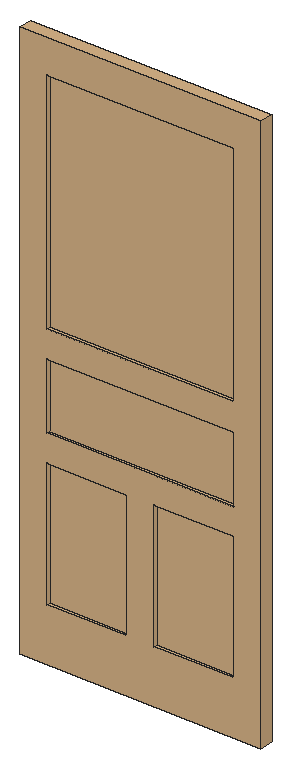
Revit family "0068_M_DR_W_single-panel 3_no trim", category 문, Revit 2026
Family settings
  호스트 = 벽
  항상 수직 = 예
  로드될 때 보이드를 사용하여 절단 = 아니오
  공유 = 아니오
  룸 계산 점 = 아니오
Parameters (values of type "36" x 84"")
  두께 = 0' - 2"
  조합 코드 = "C1020"
  기능 = 내부
  Door Material = Door - Panel
  Frame Material = Door - Frame
  Height = 7' - 0"
  Rail Width - Base = 0' - 8"
  Rail Width - Center = 0' - 4"
  Rail Width - Top = 0' - 5"
  Stile Width = 0' - 4"
  벽 마무리 = 호스트별
  Width = 3' - 0"
Types (8): name | 두께 | 조합 코드 | Height | Rail Width - Base | Rail Width - Center | Rail Width - Top | Stile Width | Width
  36" x 84" | 0' - 2" | "C1020" | 7' - 0" | 0' - 8" | 0' - 4" | 0' - 5" | 0' - 4" | 3' - 0"
  34" x 84" | 0' - 2" | "C1020" | 7' - 0" | 0' - 8" | 0' - 4" | 0' - 5" | 0' - 4" | 2' - 10"
  32" x 84" | 0' - 2" | "C1020" | 7' - 0" | 0' - 8" | 0' - 4" | 0' - 5" | 0' - 4" | 2' - 8"
  30" x 84" | 0' - 2" | "C1020" | 7' - 0" | 0' - 8" | 0' - 4" | 0' - 5" | 0' - 4" | 2' - 6"
  30" x 80" | 0' - 2" | "C1020" | 6' - 8" | 0' - 8" | 0' - 4" | 0' - 5" | 0' - 4" | 2' - 6"
  36" x 80" | 0' - 2" | "C1020" | 6' - 8" | 0' - 8" | 0' - 4" | 0' - 5" | 0' - 4" | 3' - 0"
  34" x 80" | 0' - 2" | "C1020" | 6' - 8" | 0' - 8" | 0' - 4" | 0' - 5" | 0' - 4" | 2' - 10"
  0915 x 2134mm | 0' - 1 31/32" | 0' - 0" | 7' - 0 1/64" | 0' - 8 9/128" | 0' - 3 15/16" | 0' - 4 59/64" | 0' - 3 15/16" | 3' - 0 3/128"
Reference planes (in)
  plane 1: y = 0
  plane 2: z = 0
  plane 3: x = 0
  plane 4: x = -18
  plane 5: x = 18
  plane 6: z = 84
  plane 7: z = 79
  plane 8: z = 45
  plane 9: z = 41
  plane 10: z = 31
  plane 11: x = -14
  plane 12: x = 14
  plane 13: z = 27
  plane 14: z = 8
  plane 15: x = -2
  plane 16: x = 2
Forms (in)
  Extrusion 1, solid, material "Door - Panel" <- "Door Material"
    sketch origin (-60, -3, 0) x (1, 0, 0) y (0, 0, 1)
      loop
        line (74, 79) -> (46, 79) -> (46, 45) -> (74, 45) -> (74, 79)
      loop
        line (74, 41) -> (46, 41) -> (46, 31) -> (74, 31) -> (74, 41)
      loop
        line (46, 27) -> (46, 8) -> (58, 8) -> (58, 27) -> (46, 27)
      loop
        line (62, 27) -> (62, 8) -> (74, 8) -> (74, 27) -> (62, 27)
      loop
        line (78, 84) -> (42, 84) -> (42, 0) -> (78, 0) -> (78, 84)
    from -6 to -4
  Extrusion 2, solid, material "Door - Panel" <- "Door Material"
    sketch origin (-60, 1, 0) x (1, 0, 0) y (0, 0, 1)
      loop
        line (74, 79) -> (46, 79) -> (46, 45) -> (74, 45) -> (74, 79)
      loop
        line (74, 31) -> (74, 41) -> (46, 41) -> (46, 31) -> (74, 31)
      loop
        line (46, 27) -> (46, 8) -> (58, 8) -> (58, 27) -> (46, 27)
      loop
        line (74, 8) -> (74, 27) -> (62, 27) -> (62, 8) -> (74, 8)
    from -1.5 to -0.5
Lines and regions (in)
  Opening 1
    outline origin (-60, -3, 144) x (0, 0, -1) y (1, 0, 0)
      loop
        line (60, 42) -> (144, 42) -> (144, 78) -> (60, 78) -> (60, 42)
  symbolic lines, style "DoorsPanelProjection"
    curve 1: line (18, 3, 0) -> (16, 3, 0)
    curve 2: line (18, 3, 0) -> (18, 39, 0)
    curve 3: line (18, 39, 0) -> (16, 39, 0)
    curve 4: line (16, 3, 0) -> (16, 39, 0)
  symbolic lines, style "Elevation Swing"
    curve 5: line (-18, -3, 84) -> (18, -3, 42)
    curve 6: line (18, 3, 42) -> (-18, 3, 0)
  symbolic lines, style "Plan Swing"
    curve 7: arc (16, 39, 0) -> (-8.19266, 27.7779, 0) -> (-18.05551, 3, 0) r 36.05551
Dimensions and locks (in)
  equal spacing: plane 4, plane 3, plane 5
  "Width": plane 4 to plane 5
  locked: host wall to curve 1
  control icon elem to plane 5 = 2' - 1.92324"
  "Height": plane 6 to plane 2
  equal spacing: plane 6, curve 5, level
  equal spacing: plane 6, curve 6, level
  "Stile Width": plane 15 to plane 16
  "Stile Width": plane 4 to plane 11
  "Stile Width": plane 12 to plane 5
  "Rail Width - Top": plane 6 to plane 7
  "Rail Width - Center": plane 10 to plane 13
  "Rail Width - Center": plane 8 to plane 9
  "두께": curve 4 to plane 5
  "두께": Extrusion 1 to host wall
  equal spacing: plane 15, plane 3, plane 16
  "Rail Width - Base": plane 14 to plane 2
  locked: host wall to Extrusion 2 at 0.5
  aligned and locked: plane 6 to curve 5
  aligned and locked: plane 12 to Extrusion 1 sketch curve  (x3)
  aligned and locked: Extrusion 1 sketch curve to plane 7
  aligned and locked: plane 8 to Extrusion 1 sketch curve
  aligned and locked: plane 11 to Extrusion 1 sketch curve  (x3)
  aligned and locked: Extrusion 1 sketch curve to plane 9
  aligned and locked: plane 10 to Extrusion 1 sketch curve
  aligned and locked: plane 13 to Extrusion 1 sketch curve  (x2)
  aligned and locked: plane 14 to Extrusion 1 sketch curve  (x2)
  aligned and locked: plane 15 to Extrusion 1 sketch curve
  aligned and locked: plane 16 to Extrusion 1 sketch curve
  aligned and locked: plane 5 to Extrusion 1 sketch curve
  aligned and locked: Extrusion 1 sketch curve to plane 6
  aligned and locked: plane 4 to Extrusion 1 sketch curve
  aligned and locked: plane 12 to Extrusion 2 sketch curve  (x3)
  aligned and locked: Extrusion 2 sketch curve to plane 7
  aligned and locked: plane 8 to Extrusion 2 sketch curve
  aligned and locked: plane 11 to Extrusion 2 sketch curve  (x2)
  aligned and locked: Extrusion 2 sketch curve to plane 10
  aligned and locked: plane 9 to Extrusion 2 sketch curve
  aligned and locked: Extrusion 2 sketch curve to plane 11
  aligned and locked: plane 13 to Extrusion 2 sketch curve  (x2)
  aligned and locked: Extrusion 2 sketch curve to Extrusion 1  (x2)
  aligned and locked: Extrusion 2 sketch curve to plane 14
  aligned and locked: Extrusion 2 sketch curve to plane 16
  aligned and locked: Extrusion 1 to host wall  (x3)
  aligned and locked: host wall to Extrusion 1
Automatic sketch dimensions
  Opening 1 sketch curve to plane 6 = 0' - 0"
  Opening 1 sketch curve to level = 0' - 0"
  Opening 1 sketch curve to plane 4 = 0' - 0"
  Opening 1 sketch curve to plane 5 = 0' - 0"
  curve 6 to level = 0' - 0"
  curve 6 to plane 4 = 0' - 0"
  curve 5 to plane 4 = 0' - 0"
  curve 1 to plane 5 = 0' - 0"
  curve 7 to plane 5 = 0' - 0"
  plane 4 to curve 7 = 0' - 0.05551"
  curve 7 to host wall = 0' - 0"
  curve 6 to plane 5 = 0' - 0"
  curve 5 to plane 5 = 0' - 0"
